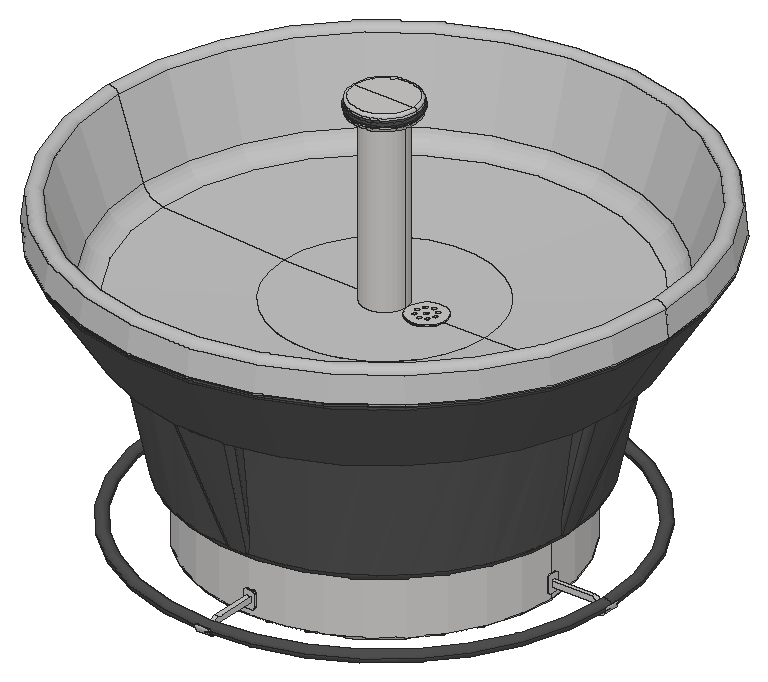
Revit family "Washfountain_Lavatory-Bradley_Corp-WF2808-Type_O_Drain", category Plumbing Fixtures, Revit 2012 (continued)
Lines and regions (in)
  symbolic lines, detail levels medium
    curve 25: line (-3.12875, 0, 36.80502) -> (-3.035, 0, 36.80502)
    curve 27: line (3.035, 0, 36.80502) -> (3.12875, 0, 36.80502)
    curve 28: line (3.12875, 0, 36.30502) -> (3.035, 0, 36.30502)
    curve 30: line (-3.035, 0, 36.30502) -> (-3.12875, 0, 36.30502)
    curve 32: line (0, 3.12875, 36.80502) -> (0, 3.035, 36.80502)
    curve 34: line (0, -3.035, 36.80502) -> (0, -3.12875, 36.80502)
    curve 35: line (0, -3.12875, 36.30502) -> (0, -3.035, 36.30502)
    curve 37: line (0, 3.035, 36.30502) -> (0, 3.12875, 36.30502)
  symbolic lines, detail levels medium+fine
    curve 26: line (-3.035, 0, 36.80502) -> (3.035, 0, 36.80502)
    curve 29: line (3.035, 0, 36.30502) -> (-3.035, 0, 36.30502)
    curve 33: line (0, 3.035, 36.80502) -> (0, -3.035, 36.80502)
    curve 36: line (0, -3.035, 36.30502) -> (0, 3.035, 36.30502)
    curve 47: circle (0, 0, 37.25) r 2 normal (0, 0, 1)
    curve 137: circle (4, 0, 29) r 1.25 normal (0, 0, 1)
    curve 138: circle (4, 0, 29) r 0.1842 normal (0, 0, 1)
    curve 139: circle (4, 0.87771, 29) r 0.1842 normal (0, 0, 1)
    curve 140: circle (4.62063, 0.62063, 29) r 0.1842 normal (0, 0, 1)
    curve 141: circle (4.87771, 0, 29) r 0.1842 normal (0, 0, 1)
    curve 142: circle (4.62063, -0.62063, 29) r 0.1842 normal (0, 0, 1)
    curve 143: circle (4, -0.87771, 29) r 0.1842 normal (0, 0, 1)
    curve 144: circle (3.37937, -0.62063, 29) r 0.1842 normal (0, 0, 1)
    curve 145: circle (3.12229, 0, 29) r 0.1842 normal (0, 0, 1)
    curve 146: circle (3.37937, 0.62063, 29) r 0.1842 normal (0, 0, 1)
    curve 155: line (-17.48807, 0, 6.31492) -> (-0.96574, 0, 6.31492)
    curve 156: line (-0.96574, 0, 6.24986) -> (-0.96574, 0, 18.12)
    curve 158: line (-0.12584, 0, 6.24986) -> (-0.12584, 0, 18.12)
    curve 159: line (1.12265, 0, 6.31492) -> (17.49519, 0, 6.31492)
    curve 160: line (-22.00077, 0, 18.10444) -> (-21.06726, 0, 18.10444)
    curve 161: arc (-21.06726, 0, 18.10444) -> (-20.92142, 0, 18.054) -> (-20.8379, 0, 17.92423) r 0.23606
    curve 162: line (-20.8379, 0, 17.92423) -> (-2.19375, 0, 17.92423)
    curve 163: line (-2.07801, 0, 18.10444) -> (-1.09014, 0, 18.10444)
    curve 164: arc (-2.07801, 0, 18.10444) -> (-2.16776, 0, 18.05613) -> (-2.19717, 0, 17.95855) r 0.13336
    curve 165: arc (-1.09014, 0, 18.10444) -> (-1.02745, 0, 18.10835) -> (-0.96574, 0, 18.12) r 0.50514
    curve 166: arc (-1.08537, 0, 6.8063) -> (-1.04271, 0, 6.55643) -> (-0.96574, 0, 6.31492) r 1.81926
    curve 167: line (-0.96574, 0, 6.24986) -> (-0.12584, 0, 6.24986)
    curve 168: line (0, 0, 6.31492) -> (0.15691, 0, 6.31492)
    curve 169: arc (-0.12584, 0, 6.24986) -> (-0.05501, 0, 6.26709) -> (0, 0, 6.31492) r 0.15424
    curve 173: line (1.12265, 0, 6.24986) -> (1.12265, 0, 18.12)
    curve 175: line (0.28275, 0, 6.24986) -> (0.28275, 0, 18.12)
    curve 176: line (22.00077, 0, 18.10444) -> (21.09665, 0, 18.10444)
    curve 177: arc (21.09665, 0, 18.10444) -> (20.95081, 0, 18.054) -> (20.86729, 0, 17.92423) r 0.23606
    curve 178: line (20.86729, 0, 17.92423) -> (2.35066, 0, 17.92423)
    curve 179: line (2.23492, 0, 18.10444) -> (1.24705, 0, 18.10444)
    curve 180: arc (2.23492, 0, 18.10444) -> (2.32467, 0, 18.05613) -> (2.35408, 0, 17.95855) r 0.13336
    curve 181: arc (1.24705, 0, 18.10444) -> (1.18436, 0, 18.10835) -> (1.12265, 0, 18.12) r 0.50514
    curve 182: arc (1.24228, 0, 6.8063) -> (1.19962, 0, 6.55643) -> (1.12265, 0, 6.31492) r 1.81926
    curve 183: line (1.12265, 0, 6.24986) -> (0.28275, 0, 6.24986)
    curve 184: arc (0.28275, 0, 6.24986) -> (0.21192, 0, 6.26709) -> (0.15691, 0, 6.31492) r 0.15424
    curve 201: line (0, 20.99655, 18.03148) -> (0, 21.97113, 18.03148)
    curve 203: arc (0, 20.8379, 17.92423) -> (0, 20.9008, 18.00216) -> (0, 20.99655, 18.03148) r 0.17096
    curve 205: line (0, 2.19389, 17.92569) -> (0, 20.83849, 17.92569)
    curve 208: line (0, 2.07801, 18.10444) -> (0, 1.09014, 18.10444)
    curve 209: arc (0, 2.19829, 17.96981) -> (0, 2.16828, 18.06404) -> (0, 2.07801, 18.10444) r 0.12105
    curve 210: line (0, 0.96513, 6.24986) -> (0, 0.96513, 18.12004)
    curve 211: arc (0, 0.96513, 18.12004) -> (0, 1.02715, 18.10836) -> (0, 1.09014, 18.10444) r 0.5087
    curve 213: line (0, 0.96513, 6.24986) -> (0, 0.12584, 6.24986)
    curve 215: arc (0, 1.08537, 6.8063) -> (0, 1.04105, 6.52467) -> (0, 0.96513, 6.24986) r 2.51421
    curve 216: line (0, 0, 6.31685) -> (0, -0.15625, 6.31685)
    curve 217: line (0, 0, 6.31685) -> (0, 0.12584, 6.24986)
    curve 218: line (0, 0.12584, 6.24986) -> (0, 0.12584, 18.12004)
    curve 221: line (0, -2.35014, 17.92569) -> (0, -20.8418, 17.92569)
    curve 224: line (0, -2.23426, 18.10444) -> (0, -1.24639, 18.10444)
    curve 225: arc (0, -2.35454, 17.96981) -> (0, -2.32453, 18.06404) -> (0, -2.23426, 18.10444) r 0.12105
    curve 226: line (0, -1.12138, 6.24986) -> (0, -1.12138, 18.12004)
    curve 227: arc (0, -1.12138, 18.12004) -> (0, -1.1834, 18.10836) -> (0, -1.24639, 18.10444) r 0.5087
    curve 228: line (0, -1.12138, 6.24986) -> (0, -0.28209, 6.24986)
    curve 230: arc (0, -1.24162, 6.8063) -> (0, -1.1973, 6.52467) -> (0, -1.12138, 6.24986) r 2.51421
    curve 231: line (0, -0.15625, 6.31685) -> (0, -0.28209, 6.24986)
    curve 232: line (0, -0.28209, 6.24986) -> (0, -0.28209, 18.12004)
    curve 235: line (0, -21.00003, 18.03148) -> (0, -21.97463, 18.03148)
    curve 237: arc (0, -20.84138, 17.92423) -> (0, -20.90428, 18.00216) -> (0, -21.00003, 18.03148) r 0.17096
    curve 241: line (0, 17.49039, 6.32544) -> (0, 0.98937, 6.32544)
    curve 242: line (0, -1.14562, 6.32544) -> (0, -17.49387, 6.32544)
  symbolic lines
    curve 31: line (-2, 0, 35.86002) -> (2, 0, 35.86002)
    curve 38: line (0, 2, 35.86002) -> (0, -2, 35.86002)
    curve 136: circle (4, 0, 29) r 1.75 normal (0, 0, 1)
    curve 147: circle (0, 0, 29) r 25.3 normal (0, 0, 1)
    curve 153: line (-20.8379, 0, 17.92423) -> (-17.61819, 0, 6.792)
    curve 154: line (-17.61819, 0, 6.792) -> (-17.47033, 0, 6.24986)
    curve 157: line (-2.19717, 0, 17.95855) -> (-1.08537, 0, 6.8063)
    curve 172: line (20.86729, 0, 17.92423) -> (17.49473, 0, 6.31579)
    curve 174: line (2.35408, 0, 17.95855) -> (1.24228, 0, 6.8063)
    curve 187: line (22.00077, 0, 18.10444) -> (17.49519, 0, 6.31492)
    curve 188: line (-15.8946, 0, 5.6669) -> (15.9375, 0, 5.6669)
    curve 202: line (0, 20.8379, 17.92423) -> (0, 17.46859, 6.24991)
    curve 204: line (0, 20.8379, 17.92423) -> (0, 20.89404, 18.12)
    curve 206: line (0, 2.19829, 17.96981) -> (0, 1.08537, 6.8063)
    curve 212: line (0, 15.89286, 5.66694) -> (0, -15.89458, 5.66694)
    curve 222: line (0, -2.35454, 17.96981) -> (0, -1.24162, 6.8063)
    curve 236: line (0, -20.84138, 17.92423) -> (0, -17.46638, 6.2302)
    curve 238: line (0, -20.84138, 17.92423) -> (0, -20.89752, 18.12)
    curve 251: circle (0, 0, 29) r 21 normal (0, 0, 1)
    curve 252: line (26.7906, 0, 26) -> (-26.7889, 0, 26)
    curve 253: line (0, 26.7906, 26) -> (0, -26.7906, 26)
  symbolic lines, visible <- "Sensor Module", detail levels fine
    curve 39: line (-4.49987, 0, 40.18459) -> (4.49987, 0, 40.18459)
    curve 42: line (0, 4.49987, 40.18459) -> (0, -4.49987, 40.18459)
  symbolic lines, visible <- "Sensor Module", detail levels medium
    curve 40: line (4.57537, 0, 38.73512) -> (-4.5755, 0, 38.73512)
    curve 43: line (0, -4.57537, 38.73512) -> (0, 4.57537, 38.73512)
  symbolic lines, visible <- "Sensor Module"
    curve 41: line (-2, 0, 37.90962) -> (2, 0, 37.90962)
    curve 44: line (0, 2, 37.91) -> (0, -2, 37.91)
  symbolic lines, visible <- "Sensor Module", detail levels medium+fine
    curve 46: circle (0, 0, 40.75) r 2.10282 normal (0, 0, 1)
  model lines, visible <- "Towel Dispenser", detail levels fine
    curve 51: spline (-9.0267, 1.13929, 53.62502) -> (-8.93299, 0.97699, 56.66615) -> (-8.65827, 0.50115, 59.50002) -> (-8.22124, -0.2558, 61.93353) -> (-7.6517, -1.24228, 63.80082) -> (-6.98845, -2.39106, 64.97465) -> (-6.2767, -3.62385, 65.37502) -> (-5.56494, -4.85664, 64.97465) -> (-4.9017, -6.00542, 63.80082) -> (-4.33215, -6.9919, 61.93353) -> (-3.89513, -7.74885, 59.50002) -> (-3.6204, -8.22469, 56.66615) -> (-3.5267, -8.38699, 53.62502)
    curve 52: spline (3.527, -8.3872, 53.62502) -> (3.6207, -8.22489, 56.66615) -> (3.89542, -7.74903, 59.50002) -> (4.33244, -6.99205, 61.93353) -> (4.90197, -6.00554, 63.80082) -> (5.56521, -4.85671, 64.97465) -> (6.27694, -3.62387, 65.37502) -> (6.98868, -2.39103, 64.97465) -> (7.65191, -1.24221, 63.80082) -> (8.22144, -0.2557, 61.93353) -> (8.65846, 0.50129, 59.50002) -> (8.93318, 0.97714, 56.66615) -> (9.02688, 1.13945, 53.62502)
    curve 98: spline (4.50547, -6.69233, 56.22659) -> (4.48576, -6.72648, 56.26066) -> (4.46739, -6.7583, 56.36056) -> (4.45161, -6.78563, 56.51948) -> (4.43951, -6.80659, 56.72659) -> (4.4319, -6.81977, 56.96777) -> (4.4293, -6.82427, 57.22659) -> (4.4319, -6.81977, 57.4854) -> (4.43951, -6.80659, 57.72659) -> (4.45161, -6.78563, 57.93369) -> (4.46739, -6.7583, 58.09261) -> (4.48576, -6.72648, 58.19251) -> (4.50547, -6.69233, 58.22659) -> (4.52519, -6.65819, 58.19251) -> (4.54356, -6.62637, 58.09261) -> (4.55933, -6.59904, 57.93369) -> (4.57144, -6.57807, 57.72659) -> (4.57905, -6.56489, 57.4854) -> (4.58164, -6.5604, 57.22659) -> (4.57905, -6.56489, 56.96777) -> (4.57144, -6.57807, 56.72659) -> (4.55933, -6.59904, 56.51948) -> (4.54356, -6.62637, 56.36056) -> (4.52519, -6.65819, 56.26066) -> (4.50547, -6.69233, 56.22659)
    curve 99: spline (3.54323, 7.20696, 56.22659) -> (3.58266, 7.20696, 56.26066) -> (3.6194, 7.20696, 56.36056) -> (3.65095, 7.20696, 56.51948) -> (3.67516, 7.20696, 56.72659) -> (3.69038, 7.20696, 56.96777) -> (3.69557, 7.20696, 57.22659) -> (3.69038, 7.20696, 57.4854) -> (3.67516, 7.20696, 57.72659) -> (3.65095, 7.20696, 57.93369) -> (3.6194, 7.20696, 58.09261) -> (3.58266, 7.20696, 58.19251) -> (3.54323, 7.20696, 58.22659) -> (3.5038, 7.20696, 58.19251) -> (3.46706, 7.20696, 58.09261) -> (3.4355, 7.20696, 57.93369) -> (3.41129, 7.20696, 57.72659) -> (3.39607, 7.20696, 57.4854) -> (3.39088, 7.20696, 57.22659) -> (3.39607, 7.20696, 56.96777) -> (3.41129, 7.20696, 56.72659) -> (3.4355, 7.20696, 56.51948) -> (3.46706, 7.20696, 56.36056) -> (3.5038, 7.20696, 56.26066) -> (3.54323, 7.20696, 56.22659)
    curve 100: spline (-8.04818, -0.55555, 56.22659) -> (-8.06789, -0.5214, 56.26066) -> (-8.08627, -0.48958, 56.36056) -> (-8.10204, -0.46226, 56.51948) -> (-8.11415, -0.44129, 56.72659) -> (-8.12176, -0.42811, 56.96777) -> (-8.12435, -0.42362, 57.22659) -> (-8.12176, -0.42811, 57.4854) -> (-8.11415, -0.44129, 57.72659) -> (-8.10204, -0.46226, 57.93369) -> (-8.08627, -0.48958, 58.09261) -> (-8.06789, -0.5214, 58.19251) -> (-8.04818, -0.55555, 58.22659) -> (-8.02847, -0.5897, 58.19251) -> (-8.01009, -0.62152, 58.09261) -> (-7.99432, -0.64884, 57.93369) -> (-7.98221, -0.66981, 57.72659) -> (-7.9746, -0.68299, 57.4854) -> (-7.97201, -0.68748, 57.22659) -> (-7.9746, -0.68299, 56.96777) -> (-7.98221, -0.66981, 56.72659) -> (-7.99432, -0.64884, 56.51948) -> (-8.01009, -0.62152, 56.36056) -> (-8.02847, -0.5897, 56.26066) -> (-8.04818, -0.55555, 56.22659)
    curve 101: spline (5.50026, 7.20696, 53.62502) -> (5.31285, 7.20696, 56.66615) -> (4.76338, 7.20696, 59.50002) -> (3.88931, 7.20696, 61.93353) -> (2.75019, 7.20696, 63.80082) -> (1.42367, 7.20696, 64.97465) -> (0.00013, 7.20696, 65.37502) -> (-1.42341, 7.20696, 64.97465) -> (-2.74994, 7.20696, 63.80082) -> (-3.88905, 7.20696, 61.93353) -> (-4.76312, 7.20696, 59.50002) -> (-5.31259, 7.20696, 56.66615) -> (-5.5, 7.20696, 53.62502)
  symbolic lines, visible <- "Towel Dispenser", detail levels fine
    curve 54: spline (-9.02676, -27, 53.62502) -> (-8.93305, -27, 56.66615) -> (-8.65832, -27, 59.50002) -> (-8.22128, -27, 61.93353) -> (-7.65173, -27, 63.80082) -> (-6.98846, -27, 64.97465) -> (-6.2767, -27, 65.37502) -> (-5.56493, -27, 64.97465) -> (-4.90166, -27, 63.80082) -> (-4.33211, -27, 61.93353) -> (-3.89507, -27, 59.50002) -> (-3.62034, -27, 56.66615) -> (-3.52663, -27, 53.62502)
    curve 55: spline (3.527, -27, 53.62502) -> (3.6207, -27, 56.66615) -> (3.89542, -27, 59.50002) -> (4.33244, -27, 61.93353) -> (4.90197, -27, 63.80082) -> (5.56521, -27, 64.97465) -> (6.27694, -27, 65.37502) -> (6.98868, -27, 64.97465) -> (7.65191, -27, 63.80082) -> (8.22144, -27, 61.93353) -> (8.65846, -27, 59.50002) -> (8.93318, -27, 56.66615) -> (9.02688, -27, 53.62502)
    curve 85: spline (5.50026, 27, 53.62502) -> (5.31285, 27, 56.66615) -> (4.76338, 27, 59.50002) -> (3.88931, 27, 61.93353) -> (2.75019, 27, 63.80082) -> (1.42367, 27, 64.97465) -> (0.00013, 27, 65.37502) -> (-1.42341, 27, 64.97465) -> (-2.74994, 27, 63.80082) -> (-3.88905, 27, 61.93353) -> (-4.76312, 27, 59.50002) -> (-5.31259, 27, 56.66615) -> (-5.5, 27, 53.62502)
    curve 93: spline (0, 1.1394, 53.62502) -> (0, 0.9771, 56.66615) -> (0, 0.50125, 59.50002) -> (0, -0.25572, 61.93353) -> (0, -1.24223, 63.80082) -> (0, -2.39103, 64.97465) -> (0, -3.62385, 65.37502) -> (0, -4.85667, 64.97465) -> (0, -6.00548, 63.80082) -> (0, -6.99198, 61.93353) -> (0, -7.74895, 59.50002) -> (0, -8.2248, 56.66615) -> (0, -8.3871, 53.62502)
    curve 102: spline (-8.04824, -27, 56.22659) -> (-8.06796, -27, 56.26066) -> (-8.08633, -27, 56.36056) -> (-8.10211, -27, 56.51948) -> (-8.11421, -27, 56.72659) -> (-8.12182, -27, 56.96777) -> (-8.12442, -27, 57.22659) -> (-8.12182, -27, 57.4854) -> (-8.11421, -27, 57.72659) -> (-8.10211, -27, 57.93369) -> (-8.08633, -27, 58.09261) -> (-8.06796, -27, 58.19251) -> (-8.04824, -27, 58.22659) -> (-8.02853, -27, 58.19251) -> (-8.01016, -27, 58.09261) -> (-7.99438, -27, 57.93369) -> (-7.98228, -27, 57.72659) -> (-7.97467, -27, 57.4854) -> (-7.97207, -27, 57.22659) -> (-7.97467, -27, 56.96777) -> (-7.98228, -27, 56.72659) -> (-7.99438, -27, 56.51948) -> (-8.01016, -27, 56.36056) -> (-8.02853, -27, 56.26066) -> (-8.04824, -27, 56.22659)
    curve 103: spline (4.50547, -27, 56.22659) -> (4.48576, -27, 56.26066) -> (4.46739, -27, 56.36056) -> (4.45161, -27, 56.51948) -> (4.43951, -27, 56.72659) -> (4.4319, -27, 56.96777) -> (4.4293, -27, 57.22659) -> (4.4319, -27, 57.4854) -> (4.43951, -27, 57.72659) -> (4.45161, -27, 57.93369) -> (4.46739, -27, 58.09261) -> (4.48576, -27, 58.19251) -> (4.50547, -27, 58.22659) -> (4.52519, -27, 58.19251) -> (4.54356, -27, 58.09261) -> (4.55933, -27, 57.93369) -> (4.57144, -27, 57.72659) -> (4.57905, -27, 57.4854) -> (4.58164, -27, 57.22659) -> (4.57905, -27, 56.96777) -> (4.57144, -27, 56.72659) -> (4.55933, -27, 56.51948) -> (4.54356, -27, 56.36056) -> (4.52519, -27, 56.26066) -> (4.50547, -27, 56.22659)
    curve 104: spline (3.54323, 27, 56.22659) -> (3.58266, 27, 56.26066) -> (3.6194, 27, 56.36056) -> (3.65095, 27, 56.51948) -> (3.67516, 27, 56.72659) -> (3.69038, 27, 56.96777) -> (3.69557, 27, 57.22659) -> (3.69038, 27, 57.4854) -> (3.67516, 27, 57.72659) -> (3.65095, 27, 57.93369) -> (3.6194, 27, 58.09261) -> (3.58266, 27, 58.19251) -> (3.54323, 27, 58.22659) -> (3.5038, 27, 58.19251) -> (3.46706, 27, 58.09261) -> (3.4355, 27, 57.93369) -> (3.41129, 27, 57.72659) -> (3.39607, 27, 57.4854) -> (3.39088, 27, 57.22659) -> (3.39607, 27, 56.96777) -> (3.41129, 27, 56.72659) -> (3.4355, 27, 56.51948) -> (3.46706, 27, 56.36056) -> (3.5038, 27, 56.26066) -> (3.54323, 27, 56.22659)
    curve 133: spline (0, -0.55544, 56.22659) -> (0, -0.52129, 56.26066) -> (0, -0.48947, 56.36056) -> (0, -0.46215, 56.51948) -> (0, -0.44118, 56.72659) -> (0, -0.428, 56.96777) -> (0, -0.42351, 57.22659) -> (0, -0.428, 57.4854) -> (0, -0.44118, 57.72659) -> (0, -0.46215, 57.93369) -> (0, -0.48947, 58.09261) -> (0, -0.52129, 58.19251) -> (0, -0.55544, 58.22659) -> (0, -0.58959, 58.19251) -> (0, -0.62141, 58.09261) -> (0, -0.64873, 57.93369) -> (0, -0.6697, 57.72659) -> (0, -0.68288, 57.4854) -> (0, -0.68737, 57.22659) -> (0, -0.68288, 56.96777) -> (0, -0.6697, 56.72659) -> (0, -0.64873, 56.51948) -> (0, -0.62141, 56.36056) -> (0, -0.58959, 56.26066) -> (0, -0.55544, 56.22659)
  symbolic lines, visible <- "Towel Dispenser"
    curve 56: line (-0.06253, -27, 67.563) -> (-3.52663, -27, 66.87567)
    curve 57: line (3.527, -27, 66.87567) -> (0.06285, -27, 67.563)
    curve 58: line (-9.02676, -27, 66.87567) -> (-3.52663, -27, 66.87567)
    curve 59: line (-3.52663, -27, 66.87567) -> (-3.52663, -27, 53.62502)
    curve 60: line (3.527, -27, 53.62502) -> (3.527, -27, 66.87567)
    curve 61: line (0.06285, -27, 67.563) -> (0.06285, -27, 52.25)
    curve 62: line (-0.06253, -27, 52.25) -> (-0.06253, -27, 67.563)
    curve 63: line (-3.52663, -27, 53.62502) -> (-1.57807, -27, 52.25)
    curve 64: line (1.57842, -27, 52.25) -> (3.527, -27, 53.62502)
    curve 65: line (-9.02676, -27, 53.62502) -> (-3.52663, -27, 53.62502)
    curve 66: line (3.527, -27, 53.62502) -> (9.02688, -27, 53.62502)
    curve 75: line (3.527, -27, 66.87567) -> (9.02688, -27, 66.87567)
    curve 77: line (-5.5, 27, 67.563) -> (-5.5, 27, 52.25)
    curve 78: line (5.50026, 27, 52.25) -> (5.50026, 27, 67.563)
    curve 79: line (5.50026, 27, 66.87567) -> (-5.5, 27, 66.87567)
    curve 80: line (5.50026, 27, 53.62502) -> (-5.5, 27, 53.62502)
    curve 86: line (0, 3.20696, 67.563) -> (0, 3.20696, 52.25)
    curve 87: line (0, 3.1394, 67.563) -> (0, 3.1394, 52.25)
    curve 88: line (0, 1.1394, 66.87567) -> (0, 3.1394, 67.563)
    curve 89: line (0, 1.1394, 53.62502) -> (0, 1.1394, 66.87567)
    curve 90: line (0, 1.1394, 66.87567) -> (0, -8.3871, 66.87567)
    curve 91: line (0, 2.2644, 52.25) -> (0, 1.1394, 53.62502)
    curve 92: line (0, 1.1394, 53.62502) -> (0, -8.3871, 53.62502)
    curve 131: line (-2, -27, 52.25) -> (2, -27, 52.25)
    curve 132: line (-2, -27, 67.563) -> (2, -27, 67.563)
    curve 134: line (0, 1.25, 67.563) -> (0, -1.25, 67.563)
    curve 246: line (-5.5, 3.20696, 52.25) -> (5.50026, 3.20696, 52.25)
    curve 247: line (5.56279, 3.13918, 0) -> (0.06279, -6.3871, 0)
    curve 248: line (-0.06259, -6.38699, 52.25) -> (-5.56259, 3.13929, 52.25)
    curve 249: line (-5.56259, 3.13929, 52.25) -> (-5.5, 3.20696, 52.25)
    curve 250: line (5.50026, 3.20696, 52.25) -> (5.56279, 3.13918, 52.25)
  symbolic lines, visible <- "Towel Dispenser", detail levels medium+fine
    curve 67: line (-3.95999, -27, 53.3286) -> (-7.95843, -27, 53.3286)
    curve 68: spline (-7.95843, -27, 53.3286) -> (-8.0366, -27, 53.31528) -> (-8.07168, -27, 53.27621) -> (-8.06127, -27, 53.21406) -> (-8.00608, -27, 53.13306) -> (-7.90988, -27, 53.03873) -> (-7.77921, -27, 52.93751) -> (-7.62299, -27, 52.83629) -> (-7.45186, -27, 52.74197) -> (-7.27748, -27, 52.66097) -> (-7.11174, -27, 52.59882) -> (-6.96593, -27, 52.55975) -> (-6.84999, -27, 52.54642)
    curve 69: line (-6.84999, -27, 52.54642) -> (-2.85155, -27, 52.54642)
    curve 70: spline (-2.85155, -27, 52.54642) -> (-2.77338, -27, 52.55975) -> (-2.7383, -27, 52.59882) -> (-2.74871, -27, 52.66097) -> (-2.8039, -27, 52.74197) -> (-2.90011, -27, 52.83629) -> (-3.03077, -27, 52.93751) -> (-3.18699, -27, 53.03873) -> (-3.35812, -27, 53.13306) -> (-3.5325, -27, 53.21406) -> (-3.69824, -27, 53.27621) -> (-3.84405, -27, 53.31528) -> (-3.95999, -27, 53.3286)
    curve 71: line (7.8569, -27, 53.32864) -> (3.85695, -27, 53.32864)
    curve 72: spline (3.85695, -27, 53.32864) -> (3.74101, -27, 53.31531) -> (3.59521, -27, 53.27624) -> (3.42947, -27, 53.21409) -> (3.25509, -27, 53.13309) -> (3.08396, -27, 53.03877) -> (2.92774, -27, 52.93755) -> (2.79707, -27, 52.83632) -> (2.70086, -27, 52.742) -> (2.64567, -27, 52.661) -> (2.63526, -27, 52.59885) -> (2.67033, -27, 52.55978) -> (2.7485, -27, 52.54645)
    curve 73: line (2.7485, -27, 52.54645) -> (6.74844, -27, 52.54645)
    curve 74: spline (6.74844, -27, 52.54645) -> (6.86438, -27, 52.55978) -> (7.01019, -27, 52.59885) -> (7.17593, -27, 52.661) -> (7.3503, -27, 52.742) -> (7.52143, -27, 52.83632) -> (7.67766, -27, 52.93755) -> (7.80832, -27, 53.03877) -> (7.90453, -27, 53.13309) -> (7.95972, -27, 53.21409) -> (7.97014, -27, 53.27624) -> (7.93507, -27, 53.31531) -> (7.8569, -27, 53.32864)
    curve 81: line (-4, 27, 53.3286) -> (4.00026, 27, 53.3286)
    curve 82: spline (4.00026, 27, 53.3286) -> (4.19437, 27, 53.31528) -> (4.37526, 27, 53.27621) -> (4.53059, 27, 53.21406) -> (4.64978, 27, 53.13306) -> (4.7247, 27, 53.03873) -> (4.75026, 27, 52.93751) -> (4.7247, 27, 52.83629) -> (4.64978, 27, 52.74197) -> (4.53059, 27, 52.66097) -> (4.37526, 27, 52.59882) -> (4.19437, 27, 52.55975) -> (4.00026, 27, 52.54642)
    curve 83: line (4.00026, 27, 52.54642) -> (-4, 27, 52.54642)
    curve 84: spline (-4, 27, 52.54642) -> (-4.19411, 27, 52.55975) -> (-4.375, 27, 52.59882) -> (-4.53033, 27, 52.66097) -> (-4.64952, 27, 52.74197) -> (-4.72444, 27, 52.83629) -> (-4.75, 27, 52.93751) -> (-4.72444, 27, 53.03873) -> (-4.64952, 27, 53.13306) -> (-4.53033, 27, 53.21406) -> (-4.375, 27, 53.27621) -> (-4.19411, 27, 53.31528) -> (-4, 27, 53.3286)
    curve 94: line (0, -6.84554, 53.3286) -> (0, 0.08288, 53.3286)
    curve 95: spline (0, 0.08288, 53.3286) -> (0, 0.26189, 53.31528) -> (0, 0.45051, 53.27621) -> (0, 0.63588, 53.21406) -> (0, 0.80537, 53.13306) -> (0, 0.94743, 53.03873) -> (0, 1.05238, 52.93751) -> (0, 1.11307, 52.83629) -> (0, 1.12535, 52.74197) -> (0, 1.0884, 52.66097) -> (0, 1.00473, 52.59882) -> (0, 0.88005, 52.55975) -> (0, 0.72284, 52.54642)
    curve 96: line (0, 0.72284, 52.54642) -> (0, -6.20559, 52.54642)
    curve 97: spline (0, -6.20559, 52.54642) -> (0, -6.3846, 52.55975) -> (0, -6.57321, 52.59882) -> (0, -6.75859, 52.66097) -> (0, -6.92808, 52.74197) -> (0, -7.07014, 52.83629) -> (0, -7.17508, 52.93751) -> (0, -7.23577, 53.03873) -> (0, -7.24806, 53.13306) -> (0, -7.2111, 53.21406) -> (0, -7.12744, 53.27621) -> (0, -7.00275, 53.31528) -> (0, -6.84554, 53.3286)
    curve 243: line (-7.07814, 2.26429, 52.25) -> (-1.57814, -7.26199, 52.25)
    curve 244: line (1.57842, -7.26225, 52.25) -> (7.0783, 2.2644, 52.25)
    curve 245: line (5.50026, 4.95696, 52.25) -> (-5.5, 4.95696, 52.25)
  model lines, not visible
    curve 105: circle (0, 0, 0) r 21 normal (0, 0, 1)
  sketch lines
    curve 106: circle (0, 0, 0) r 21 normal (0, 0, 1)
    curve 149: line (-17.47033, -0.07207, 6.24986) -> (-22.00672, -0.07207, 18.12)
    curve 150: line (0.07207, -17.47033, 6.24986) -> (0.07207, -22.00672, 18.12)
    curve 151: line (17.47033, 0.07207, 6.24986) -> (22.00672, 0.07207, 18.12)
    curve 152: line (-0.07207, 17.47033, 6.24986) -> (-0.07207, 22.00672, 18.12)
  symbolic lines, visible <- "Foot Control Valve", detail levels fine
    curve 107: line (-0.67, 0, 0.925) -> (-0.67, 0, 1.61691)
    curve 108: line (-0.67, 0, 1.61691) -> (0.67, 0, 1.61691)
    curve 109: line (0.67, 0, 1.61691) -> (0.67, 0, 0.925)
    curve 110: line (-0.46567, 0, 0.825) -> (0.46567, 0, 0.825)
    curve 111: line (-0.50501, 0, 1.925) -> (0.50501, 0, 1.925)
    curve 112: arc (-20.98857, 0, 0.925) -> (-21.39304, 0, 1.11581) -> (-21.48307, 0, 1.55388) r 0.5
    curve 113: arc (-20.99912, 0, 0.82487) -> (-20.82626, 0, 0.85057) -> (-20.66814, 0, 0.925) r 0.6
    curve 114: line (-20.30228, 0, 0.925) -> (-20.98857, 0, 0.925)
    curve 115: arc (21.48307, 0, 1.55388) -> (21.39304, 0, 1.11581) -> (20.98857, 0, 0.925) r 0.5
    curve 116: arc (20.66814, 0, 0.925) -> (20.82626, 0, 0.85057) -> (20.99912, 0, 0.82487) r 0.6
    curve 117: line (20.30228, 0, 0.925) -> (20.98857, 0, 0.925)
    curve 118: arc (0, 21.48307, 1.55401) -> (0, 20.6919, 1.03121) -> (0, 21.009, 1.92492) r 0.5
    curve 119: arc (0, 20.51154, 1.53179) -> (0, 20.47337, 1.59132) -> (0, 20.41385, 1.55315) r 0.05
    curve 120: arc (0, 20.41385, 1.55315) -> (0, 20.5328, 1.04853) -> (0, 21.00059, 0.825) r 0.6
    curve 121: line (0, 20.30377, 0.92644) -> (0, 20.66618, 0.92644)
    curve 122: arc (0, -21.00467, 1.92498) -> (0, -20.69361, 1.02988) -> (0, -21.48307, 1.55401) r 0.5
    curve 123: arc (0, -20.41385, 1.55315) -> (0, -20.47337, 1.59132) -> (0, -20.51154, 1.53179) r 0.05
    curve 124: arc (0, -20.98882, 0.8251) -> (0, -20.52913, 1.05313) -> (0, -20.41385, 1.55315) r 0.6
    curve 125: line (0, -20.30078, 0.92644) -> (0, -20.66618, 0.92644)
    curve 126: line (0, -0.67, 1.61678) -> (0, -0.67, 0.82487)
    curve 127: line (0, 0.67, 1.61678) -> (0, -0.67, 1.61678)
    curve 128: line (0, 0.67, 0.82487) -> (0, 0.67, 1.61678)
    curve 129: line (0, 0.50501, 1.92487) -> (0, -0.50501, 1.92487)
    curve 130: line (0, 0.46567, 0.82487) -> (0, -0.46567, 0.82487)
  model lines, detail levels medium+fine
    curve 135: circle (4, 0, 20.14202) r 1.25 normal (0, 0, 1)
  model lines, not visible, detail levels fine
    curve 148: line (-17.47033, -0.07207, 6.24986) -> (-22.00672, -0.07207, 18.12)
  symbolic lines, detail levels fine
    curve 170: circle (-0.59234, 0, 14.97829) r 0.18079 normal (0, -1, 0)
    curve 171: circle (-0.59234, 0, 9.43889) r 0.18079 normal (0, -1, 0)
    curve 185: circle (0.74925, 0, 14.97829) r 0.18079 normal (0, 1, 0)
    curve 186: circle (0.74925, 0, 9.43889) r 0.18079 normal (0, 1, 0)
    curve 189: spline (-0.96355, 0, 4.64199) -> (-0.87273, 0, 4.65397) -> (-0.7881, 0, 4.68911) -> (-0.71543, 0, 4.74501) -> (-0.65967, 0, 4.81786) -> (-0.62461, 0, 4.9027) -> (-0.61266, 0, 4.99374) -> (-0.62461, 0, 5.08478) -> (-0.65967, 0, 5.16961) -> (-0.71543, 0, 5.24246) -> (-0.7881, 0, 5.29836) -> (-0.87273, 0, 5.3335) -> (-0.96355, 0, 5.34549) -> (-1.05437, 0, 5.3335) -> (-1.139, 0, 5.29836) -> (-1.21167, 0, 5.24246) -> (-1.26743, 0, 5.16961) -> (-1.30249, 0, 5.08478) -> (-1.31444, 0, 4.99374) -> (-1.30249, 0, 4.9027) -> (-1.26743, 0, 4.81786) -> (-1.21167, 0, 4.74501) -> (-1.139, 0, 4.68911) -> (-1.05437, 0, 4.65397) -> (-0.96355, 0, 4.64199)
    curve 190: spline (1.11807, 0, 5.34611) -> (1.02726, 0, 5.33413) -> (0.94263, 0, 5.29899) -> (0.86995, 0, 5.24309) -> (0.81419, 0, 5.17024) -> (0.77914, 0, 5.0854) -> (0.76718, 0, 4.99436) -> (0.77914, 0, 4.90332) -> (0.81419, 0, 4.81849) -> (0.86995, 0, 4.74564) -> (0.94263, 0, 4.68974) -> (1.02726, 0, 4.6546) -> (1.11807, 0, 4.64261) -> (1.20889, 0, 4.6546) -> (1.29352, 0, 4.68974) -> (1.36619, 0, 4.74564) -> (1.42196, 0, 4.81849) -> (1.45701, 0, 4.90332) -> (1.46897, 0, 4.99436) -> (1.45701, 0, 5.0854) -> (1.42196, 0, 5.17024) -> (1.36619, 0, 5.24309) -> (1.29352, 0, 5.29899) -> (1.20889, 0, 5.33413) -> (1.11807, 0, 5.34611)
    curve 191: line (0.07846, 0, 6.31492) -> (0.07846, 0, 18.12)
    curve 219: circle (0, 0.60158, 9.43373) r 0.17708 normal (1, 0, 0)
    curve 220: circle (0, 0.60158, 14.97871) r 0.17708 normal (1, 0, 0)
    curve 233: circle (0, -0.75783, 9.43373) r 0.17708 normal (-1, 0, 0)
    curve 234: circle (0, -0.75783, 14.97871) r 0.17708 normal (-1, 0, 0)
    curve 239: spline (0, 0.96355, 4.64199) -> (0, 0.87273, 4.65397) -> (0, 0.7881, 4.68911) -> (0, 0.71543, 4.74501) -> (0, 0.65967, 4.81786) -> (0, 0.62461, 4.9027) -> (0, 0.61266, 4.99374) -> (0, 0.62461, 5.08478) -> (0, 0.65967, 5.16961) -> (0, 0.71543, 5.24246) -> (0, 0.7881, 5.29836) -> (0, 0.87273, 5.3335) -> (0, 0.96355, 5.34549) -> (0, 1.05437, 5.3335) -> (0, 1.139, 5.29836) -> (0, 1.21167, 5.24246) -> (0, 1.26743, 5.16961) -> (0, 1.30249, 5.08478) -> (0, 1.31444, 4.99374) -> (0, 1.30249, 4.9027) -> (0, 1.26743, 4.81786) -> (0, 1.21167, 4.74501) -> (0, 1.139, 4.68911) -> (0, 1.05437, 4.65397) -> (0, 0.96355, 4.64199)
    curve 240: spline (0, -1.11807, 5.34611) -> (0, -1.02726, 5.33413) -> (0, -0.94263, 5.29899) -> (0, -0.86995, 5.24309) -> (0, -0.81419, 5.17024) -> (0, -0.77914, 5.0854) -> (0, -0.76718, 4.99436) -> (0, -0.77914, 4.90332) -> (0, -0.81419, 4.81849) -> (0, -0.86995, 4.74564) -> (0, -0.94263, 4.68974) -> (0, -1.02726, 4.6546) -> (0, -1.11807, 4.64261) -> (0, -1.20889, 4.6546) -> (0, -1.29352, 4.68974) -> (0, -1.36619, 4.74564) -> (0, -1.42196, 4.81849) -> (0, -1.45701, 4.90332) -> (0, -1.46897, 4.99436) -> (0, -1.45701, 5.0854) -> (0, -1.42196, 5.17024) -> (0, -1.36619, 5.24309) -> (0, -1.29352, 5.29899) -> (0, -1.20889, 5.33413) -> (0, -1.11807, 5.34611)
    curve 254: spline (-1.97389, 0, 1) -> (-1.88308, 0, 1.01199) -> (-1.79845, 0, 1.04713) -> (-1.72577, 0, 1.10303) -> (-1.67001, 0, 1.17587) -> (-1.63496, 0, 1.26071) -> (-1.623, 0, 1.35175) -> (-1.63496, 0, 1.44279) -> (-1.67001, 0, 1.52762) -> (-1.72577, 0, 1.60047) -> (-1.79845, 0, 1.65637) -> (-1.88308, 0, 1.69151) -> (-1.97389, 0, 1.7035) -> (-2.06471, 0, 1.69151) -> (-2.14934, 0, 1.65637) -> (-2.22201, 0, 1.60047) -> (-2.27778, 0, 1.52762) -> (-2.31283, 0, 1.44279) -> (-2.32479, 0, 1.35175) -> (-2.31283, 0, 1.26071) -> (-2.27778, 0, 1.17587) -> (-2.22201, 0, 1.10303) -> (-2.14934, 0, 1.04713) -> (-2.06471, 0, 1.01199) -> (-1.97389, 0, 1)
    curve 255: spline (1.97389, 0, 1) -> (1.88308, 0, 1.01199) -> (1.79845, 0, 1.04713) -> (1.72577, 0, 1.10303) -> (1.67001, 0, 1.17587) -> (1.63496, 0, 1.26071) -> (1.623, 0, 1.35175) -> (1.63496, 0, 1.44279) -> (1.67001, 0, 1.52762) -> (1.72577, 0, 1.60047) -> (1.79845, 0, 1.65637) -> (1.88308, 0, 1.69151) -> (1.97389, 0, 1.7035) -> (2.06471, 0, 1.69151) -> (2.14934, 0, 1.65637) -> (2.22201, 0, 1.60047) -> (2.27778, 0, 1.52762) -> (2.31283, 0, 1.44279) -> (2.32479, 0, 1.35175) -> (2.31283, 0, 1.26071) -> (2.27778, 0, 1.17587) -> (2.22201, 0, 1.10303) -> (2.14934, 0, 1.04713) -> (2.06471, 0, 1.01199) -> (1.97389, 0, 1)
    curve 256: spline (0, 1.97389, 1.00004) -> (0, 1.88308, 1.01203) -> (0, 1.79845, 1.04717) -> (0, 1.72577, 1.10307) -> (0, 1.67001, 1.17592) -> (0, 1.63496, 1.26075) -> (0, 1.623, 1.35179) -> (0, 1.63496, 1.44283) -> (0, 1.67001, 1.52767) -> (0, 1.72577, 1.60052) -> (0, 1.79845, 1.65642) -> (0, 1.88308, 1.69156) -> (0, 1.97389, 1.70354) -> (0, 2.06471, 1.69156) -> (0, 2.14934, 1.65642) -> (0, 2.22201, 1.60052) -> (0, 2.27778, 1.52767) -> (0, 2.31283, 1.44283) -> (0, 2.32479, 1.35179) -> (0, 2.31283, 1.26075) -> (0, 2.27778, 1.17592) -> (0, 2.22201, 1.10307) -> (0, 2.14934, 1.04717) -> (0, 2.06471, 1.01203) -> (0, 1.97389, 1.00004)
    curve 257: spline (0, -1.97389, 1.00004) -> (0, -1.88308, 1.01203) -> (0, -1.79845, 1.04717) -> (0, -1.72577, 1.10307) -> (0, -1.67001, 1.17592) -> (0, -1.63496, 1.26075) -> (0, -1.623, 1.35179) -> (0, -1.63496, 1.44283) -> (0, -1.67001, 1.52767) -> (0, -1.72577, 1.60052) -> (0, -1.79845, 1.65642) -> (0, -1.88308, 1.69156) -> (0, -1.97389, 1.70354) -> (0, -2.06471, 1.69156) -> (0, -2.14934, 1.65642) -> (0, -2.22201, 1.60052) -> (0, -2.27778, 1.52767) -> (0, -2.31283, 1.44283) -> (0, -2.32479, 1.35179) -> (0, -2.31283, 1.26075) -> (0, -2.27778, 1.17592) -> (0, -2.22201, 1.10307) -> (0, -2.14934, 1.04717) -> (0, -2.06471, 1.01203) -> (0, -1.97389, 1.00004)
  model lines, detail levels fine
    curve 192: line (22.00602, 0, 18.12026) -> (17.49473, 0, 6.31579)
    curve 193: line (0, 22.00498, 18.12004) -> (0, 17.46859, 6.24991)
    curve 194: line (0, -22.00846, 18.12004) -> (0, -17.46638, 6.2302)
  symbolic lines, detail levels coarse
    curve 195: line (-2.19717, 0, 17.95855) -> (-2.21326, 0, 18.12)
    curve 196: line (2.35408, 0, 17.95855) -> (2.3682, 0, 18.12)
    curve 197: line (-1.08537, 0, 6.8063) -> (-0.97178, 0, 5.6669)
    curve 198: line (1.24228, 0, 6.8063) -> (1.12869, 0, 5.6669)
    curve 199: line (-20.8379, 0, 17.92423) -> (-20.90915, 0, 18.12)
    curve 200: line (20.86729, 0, 17.92423) -> (20.94211, 0, 18.12)
    curve 207: line (0, 2.19829, 17.96981) -> (0, 2.21432, 18.12)
    curve 214: line (0, 1.08537, 6.8063) -> (0, 0.97178, 5.66694)
    curve 223: line (0, -2.35454, 17.96981) -> (0, -2.37057, 18.12)
    curve 229: line (0, -1.24162, 6.8063) -> (0, -1.12803, 5.66694)
Dimensions and locks (in)
  equal spacing: plane 4 "Left", plane 3 "Center (Left/Right)", plane 5 "Right"
  "Width": plane 4 "Left" to plane 5 "Right"
  equal spacing: plane 7 "Back", plane 1 "Center (Front/Back)", plane 6 "Front"
  "Width": plane 7 "Back" to plane 6 "Front"
  "Towel Dispenser Height": plane 8 "Towel Dispenser" to plane 2
  "Soap Dispenser Height": plane 9 "Soap Dispenser" to plane 2
  "Sensor Module Height": plane 10 "Sensor Module" to plane 2
  "Spray Head Height": plane 11 "Spray Head" to plane 2
  "Rim Height": plane 12 "Rim Height" to plane 2
  locked: plane 11 "Spray Head" to Revolve 3 sketch curve at 1.38998
  locked: plane 9 "Soap Dispenser" to Revolve 5 sketch curve at 6
  locked: plane 9 "Soap Dispenser" to Masking region 5 sketch curve at 6
  locked: plane 9 "Soap Dispenser" to Masking region 6 sketch curve at 6
  locked: plane 10 "Sensor Module" to Revolve 7 sketch curve at 2.84038
  locked: plane 10 "Sensor Module" to Revolve 8 sketch curve at 2.84
  locked: plane 10 "Sensor Module" to Masking region 13 sketch curve at 2.84038
  locked: plane 10 "Sensor Module" to Masking region 13 sketch curve at 2.84
  locked: plane 10 "Sensor Module" to Masking region 14 sketch curve at 2.84038  (x2)
  locked: plane 10 "Sensor Module" to Masking region 15 sketch curve at 2.84038
  locked: plane 10 "Sensor Module" to Masking region 15 sketch curve at 2.84
  locked: plane 10 "Sensor Module" to Masking region 16 sketch curve at 2.84038  (x2)
  locked: Extrusion 9 sketch curve to curve 50 at 4
  locked: curve 50 to Extrusion 9 sketch curve at 15.16279
  locked: curve 50 to Extrusion 9 sketch curve at 15.313
  locked: Extrusion 10 sketch curve to curve 48 at 4
  locked: curve 48 to Extrusion 10 sketch curve at 15.313
  locked: curve 48 to Extrusion 10 sketch curve at 15.16279
  locked: Extrusion 11 sketch curve to curve 49 at 15.313
  locked: Extrusion 11 sketch curve to curve 49 at 14.62567
  locked: Extrusion 12 to Extrusion 10 at 1
  locked: plane 9 "Soap Dispenser" to plane 13 at 6
  "Soap Dispenser Holder": plane 13 to Masking region 24
  "Soap Dispenser Holder": Masking region 25 to plane 13
  "Soap Dispenser Holder": plane 13 to Extrusion 13
  "Towel Dispenser Holder": plane 8 "Towel Dispenser" to Extrusion 12
  "Towel Dispenser Holder": plane 8 "Towel Dispenser" to Masking region 22 sketch curve
  "Towel Dispenser Holder": plane 8 "Towel Dispenser" to Masking region 30
  locked: Extrusion 27 to plane 2 at 3
  locked: curve 48 to Extrusion 10 sketch curve at 4.22974
  locked: Extrusion 9 sketch curve to Extrusion 9 sketch curve at 1.37502
  locked: Extrusion 11 sketch curve to Extrusion 11 sketch curve at 1.37502
  "Supply Height": Extrusion 35 to plane 2
  locked: plane 9 "Soap Dispenser" to Revolve 6 sketch curve at 1
  locked: plane 9 "Soap Dispenser" to Revolve 36 sketch curve at 1
  locked: plane 10 "Sensor Module" to Extrusion 37 sketch curve at 1.3649
  locked: plane 10 "Sensor Module" to Extrusion 38 sketch curve at 1.3649
  locked: plane 10 "Sensor Module" to Extrusion 39 sketch curve at 1.3649
  locked: plane 10 "Sensor Module" to Extrusion 40 sketch curve at 1.3649
  "Pedestal Height": plane 14 "Pedestal Height" to plane 2
  locked: Extrusion 10 sketch curve to Extrusion 10 sketch curve at 1.37502
  Extrusion 35 sketch curve to plane 3 "Center (Left/Right)" to Extrusion 35 sketch curve = 0.875" locked, 0.875" locked
  locked: plane 1 "Center (Front/Back)" to Extrusion 35 sketch curve at 1.25  (x2)
  locked: plane 3 "Center (Left/Right)" to Extrusion 27 sketch curve at 4
  "Drain Radius": radius of Extrusion 27 sketch curve
  "Hot Lavatory Inlet Radius": radius of Extrusion 35 sketch curve
  "Cold Lavatory Inlet Radius": radius of Extrusion 35 sketch curve
  aligned and locked: Revolve 1 sketch curve to plane 3 "Center (Left/Right)"
  aligned and locked: Revolve 2 sketch curve to plane 3 "Center (Left/Right)"
  aligned and locked: Revolve 3 sketch curve to plane 3 "Center (Left/Right)"
  aligned and locked: Revolve 4 sketch curve to plane 3 "Center (Left/Right)"
  aligned and locked: Revolve 5 sketch curve to plane 3 "Center (Left/Right)"
  aligned and locked: Revolve 6 sketch curve to plane 3 "Center (Left/Right)"
  aligned and locked: plane 12 "Rim Height" to Masking region 9 sketch curve
  aligned and locked: Masking region 10 sketch curve to plane 12 "Rim Height"
  aligned and locked: Masking region 11 sketch curve to plane 12 "Rim Height"
  aligned and locked: plane 12 "Rim Height" to Masking region 12 sketch curve
  aligned and locked: Revolve 7 sketch curve to plane 3 "Center (Left/Right)"
  aligned and locked: Revolve 8 sketch curve to plane 3 "Center (Left/Right)"
  aligned and locked: Revolve 7 sketch curve to plane 11 "Spray Head"
  aligned and locked: Revolve 8 sketch curve to plane 11 "Spray Head"
  aligned and locked: plane 11 "Spray Head" to Masking region 13 sketch curve
  aligned and locked: Masking region 14 sketch curve to plane 11 "Spray Head"
  aligned and locked: plane 11 "Spray Head" to Masking region 15 sketch curve
  aligned and locked: Masking region 16 sketch curve to plane 11 "Spray Head"
  aligned and locked: plane 13 to Masking region 24 sketch curve
  aligned and locked: plane 13 to Masking region 25 sketch curve
  aligned and locked: Extrusion 13 to plane 13
  aligned and locked: Masking region 30 sketch curve to plane 8 "Towel Dispenser"
  aligned and locked: plane 12 "Rim Height" to Extrusion 25
  aligned and locked: plane 3 "Center (Left/Right)" to Masking region 17 sketch curve
  aligned and locked: plane 1 "Center (Front/Back)" to Masking region 17 sketch curve
  aligned and locked: plane 1 "Center (Front/Back)" to Extrusion 27 sketch curve
  aligned and locked: Extrusion 27 to plane 2
  aligned and locked: Revolve 29 sketch curve to plane 3 "Center (Left/Right)"
  aligned and locked: Revolve 33 sketch curve to plane 3 "Center (Left/Right)"
  aligned and locked: Extrusion 20 to Extrusion 24
  aligned and locked: Extrusion 20 to Extrusion 23
  aligned and locked: Extrusion 19 to Extrusion 21
  aligned and locked: Extrusion 19 to Extrusion 22
  aligned and locked: Revolve 34 sketch curve to plane 1 "Center (Front/Back)"
  aligned and locked: Extrusion 35 to plane 2
  aligned and locked: Extrusion 26 to cut or joined group of Revolve 2, Extrusion 25
  aligned and locked: Revolve 36 sketch curve to plane 3 "Center (Left/Right)"
  aligned and locked: plane 3 "Center (Left/Right)" to Extrusion 37 sketch curve
  aligned and locked: plane 3 "Center (Left/Right)" to Extrusion 38 sketch curve
  aligned and locked: plane 3 "Center (Left/Right)" to Extrusion 39 sketch curve
  aligned and locked: plane 3 "Center (Left/Right)" to Extrusion 40 sketch curve
  aligned and locked: Extrusion 38 to Masking region 15
  aligned and locked: Masking region 15 to Extrusion 40
  aligned and locked: Extrusion 40 to Masking region 16
  aligned and locked: Extrusion 37 to Masking region 15
  aligned and locked: Extrusion 39 to Masking region 16
  aligned and locked: Masking region 15 to Extrusion 39
  aligned and locked: Extrusion 38 to Masking region 36 sketch curve
  aligned and locked: Masking region 36 sketch curve to Extrusion 38
  aligned and locked: Extrusion 37 to Masking region 36 sketch curve
  aligned and locked: Masking region 36 sketch curve to Extrusion 37
  aligned and locked: Extrusion 40 to Masking region 37 sketch curve
  aligned and locked: Masking region 37 sketch curve to Extrusion 40
  aligned and locked: Extrusion 39 to Masking region 37 sketch curve
  aligned and locked: Masking region 37 sketch curve to Extrusion 39
  aligned and locked: plane 14 "Pedestal Height" to curve 252
  aligned and locked: curve 253 to plane 14 "Pedestal Height"
Automatic sketch dimensions
  curve 105 to plane 1 "Center (Front/Back)" = 0.000"
  curve 105 to plane 3 "Center (Left/Right)" = 0.000"
  plane 3 "Center (Left/Right)" to curve 247 = 0.06279"
  plane 3 "Center (Left/Right)" to curve 247 = 5.56279"
  plane 1 "Center (Front/Back)" to curve 247 = 6.3871"
  curve 247 to plane 1 "Center (Front/Back)" = 3.13918"
  curve 1 to plane 1 "Center (Front/Back)" = 0.000"
  curve 2 to plane 3 "Center (Left/Right)" = 0.000"
  plane 3 "Center (Left/Right)" to curve 1 = 3.000"
  curve 1 to plane 3 "Center (Left/Right)" = 3.000"
  curve 2 to plane 1 "Center (Front/Back)" = 3.000"
  plane 1 "Center (Front/Back)" to curve 2 = 3.000"
  curve 3 to plane 1 "Center (Front/Back)" = 0.000"
  curve 4 to plane 3 "Center (Left/Right)" = 0.000"
  plane 3 "Center (Left/Right)" to curve 3 = 3.000"
  curve 3 to plane 3 "Center (Left/Right)" = 3.000"
  curve 4 to plane 1 "Center (Front/Back)" = 3.000"
  plane 1 "Center (Front/Back)" to curve 4 = 3.000"
  curve 5 to plane 1 "Center (Front/Back)" = 0.000"
  curve 6 to plane 3 "Center (Left/Right)" = 0.000"
  plane 3 "Center (Left/Right)" to curve 5 = 3.000"
  curve 5 to plane 3 "Center (Left/Right)" = 3.000"
  curve 6 to plane 1 "Center (Front/Back)" = 3.000"
  plane 1 "Center (Front/Back)" to curve 6 = 3.000"
  curve 7 to plane 1 "Center (Front/Back)" = 0.000"
  curve 8 to plane 3 "Center (Left/Right)" = 0.000"
  plane 3 "Center (Left/Right)" to curve 7 = 3.000"
  curve 7 to plane 3 "Center (Left/Right)" = 3.000"
  curve 8 to plane 1 "Center (Front/Back)" = 3.000"
  plane 1 "Center (Front/Back)" to curve 8 = 3.000"
  curve 9 to plane 1 "Center (Front/Back)" = 0.000"
  curve 53 to plane 6 "Front" = 0.000"
  curve 76 to plane 7 "Back" = 0.000"
  curve 10 to plane 3 "Center (Left/Right)" = 0.000"
  plane 3 "Center (Left/Right)" to curve 49 = 0.06279"
  plane 3 "Center (Left/Right)" to curve 76 = 3.000"
  plane 3 "Center (Left/Right)" to curve 53 = 3.000"
  plane 3 "Center (Left/Right)" to curve 9 = 3.000"
  curve 49 to curve 9 = 2.60192"
  curve 48 to plane 3 "Center (Left/Right)" = 0.06259"
  curve 53 to plane 3 "Center (Left/Right)" = 3.000"
  curve 9 to plane 3 "Center (Left/Right)" = 3.000"
  curve 76 to plane 3 "Center (Left/Right)" = 3.000"
  curve 9 to curve 48 = 2.60167"
  curve 50 to plane 1 "Center (Front/Back)" = 3.20696"
  curve 10 to plane 1 "Center (Front/Back)" = 3.000"
  plane 1 "Center (Front/Back)" to curve 10 = 3.000"
  curve 10 to curve 48 = 3.38699"
  curve 48 to curve 49 = 0.00011"
  curve 12 to plane 1 "Center (Front/Back)" = 0.000"
  curve 11 to plane 3 "Center (Left/Right)" = 0.000"
  plane 3 "Center (Left/Right)" to curve 12 = 3.000"
  curve 12 to plane 3 "Center (Left/Right)" = 3.000"
  curve 11 to plane 1 "Center (Front/Back)" = 3.000"
  plane 1 "Center (Front/Back)" to curve 11 = 3.000"
  curve 1 to Revolve 1 sketch curve = 1.000"
  Revolve 1 sketch curve to curve 1 = 6.500"
  Revolve 1 sketch curve to Revolve 1 sketch curve = 11.49848"
  Revolve 1 sketch curve to Revolve 1 sketch curve = 0.04656"
  Revolve 1 sketch curve to Revolve 1 sketch curve = 0.95537"
  Revolve 1 sketch curve to Revolve 1 sketch curve = 1.88603"
  curve 1 to Revolve 1 sketch curve = 0.49353"
  Revolve 1 sketch curve to Revolve 1 sketch curve = 2.37139"
  Revolve 1 sketch curve to Revolve 1 sketch curve = 0.70527"
  Revolve 1 sketch curve to Revolve 1 sketch curve = 0.64108"
  curve 1 to Revolve 1 sketch curve = 0.5797"
  Revolve 1 sketch curve to Revolve 1 sketch curve = 0.73072"
  curve 1 to Revolve 1 sketch curve = 2.99865"
  Revolve 1 sketch curve to Revolve 1 sketch curve = 0.18834"
  curve 1 to Revolve 1 sketch curve = 3.42019"
  Revolve 1 sketch curve to Revolve 1 sketch curve = 0.21003"
  Revolve 1 sketch curve to Revolve 1 sketch curve = 0.0335"
  Revolve 1 sketch curve to Revolve 1 sketch curve = 0.11262"
  Revolve 1 sketch curve to Revolve 1 sketch curve = 0.09678"
  curve 1 to Revolve 1 sketch curve = 6.5486"
  Revolve 1 sketch curve to Revolve 1 sketch curve = 0.6655"
  Revolve 1 sketch curve to curve 1 = 8.99998"
  Revolve 1 sketch curve to curve 1 = 10.880"
  Revolve 1 sketch curve to curve 1 = 13.24041"
  Revolve 1 sketch curve to Revolve 1 sketch curve = 0.13548"
  Revolve 1 sketch curve to Revolve 1 sketch curve = 0.09764"
  curve 1 to Revolve 1 sketch curve = 3.75959"
  Revolve 2 sketch curve to curve 1 = 0.000"
  curve 1 to Revolve 2 sketch curve = 1.000"
  Revolve 2 sketch curve to curve 1 = 6.500"
  Revolve 2 sketch curve to Revolve 2 sketch curve = 12.58564"
  curve 1 to Revolve 2 sketch curve = 8.4938"
  Revolve 2 sketch curve to Revolve 2 sketch curve = 0.34563"
  Revolve 2 sketch curve to Revolve 2 sketch curve = 3.00832"
  curve 1 to Revolve 2 sketch curve = 3.000"
  Revolve 2 sketch curve to Revolve 2 sketch curve = 1.06984"
  Revolve 2 sketch curve to Revolve 2 sketch curve = 1.56041"
  Revolve 2 sketch curve to curve 1 = 8.85798"
  Revolve 2 sketch curve to Revolve 2 sketch curve = 2.3862"
  Revolve 2 sketch curve to curve 1 = 13.26282"
  Revolve 2 sketch curve to curve 1 = 5.26282"
  curve 3 to Revolve 3 sketch curve = 3.000"
  curve 3 to Revolve 3 sketch curve = 1.000"
  curve 3 to Revolve 3 sketch curve = 0.215"  (x2)
  Revolve 3 sketch curve to curve 3 = 0.00002"
  Revolve 3 sketch curve to curve 3 = 0.035"  (x2)
  Revolve 3 sketch curve to Revolve 3 sketch curve = 0.09375"
  Revolve 3 sketch curve to curve 3 = 6.7545"
  Revolve 3 sketch curve to curve 3 = 18.991"
  Revolve 3 sketch curve to curve 3 = 0.94498"
  Revolve 3 sketch curve to curve 3 = 0.53873"
  Revolve 3 sketch curve to Revolve 3 sketch curve = 1.24548"
  Revolve 4 sketch curve to curve 3 = 0.000"
  curve 3 to Revolve 4 sketch curve = 1.000"
  curve 3 to Revolve 4 sketch curve = 0.215"
  curve 3 to Revolve 4 sketch curve = 0.21498"
  Revolve 4 sketch curve to curve 3 = 0.12875"
  Revolve 4 sketch curve to Revolve 4 sketch curve = 2.000"
  Revolve 4 sketch curve to curve 3 = 0.44498"
  Revolve 4 sketch curve to curve 3 = 0.94498"
  Revolve 4 sketch curve to curve 3 = 1.38998"
  curve 3 to Revolve 4 sketch curve = 1.38998"
  Revolve 4 sketch curve to curve 3 = 18.991"
  Revolve 4 sketch curve to Revolve 4 sketch curve = 0.44599"
  curve 30 to curve 3 = 0.12875"
  curve 25 to curve 3 = 0.12875"
  curve 29 to curve 3 = 0.035"
  curve 26 to curve 3 = 0.035"
  curve 3 to curve 31 = 1.000"
  curve 31 to curve 3 = 1.000"
  curve 3 to curve 28 = 0.035"
  curve 3 to curve 26 = 0.035"
  curve 26 to curve 27 = 0.09375"
  curve 28 to curve 28 = 0.09375"
  curve 31 to curve 3 = 1.38998"
  curve 30 to curve 3 = 0.94498"
  curve 27 to curve 3 = 0.44498"
  Revolve 5 sketch curve to curve 7 = 0.000"
  Revolve 5 sketch curve to Revolve 5 sketch curve = 0.000"
  Revolve 5 sketch curve to curve 7 = 0.84002"
  Revolve 5 sketch curve to curve 7 = 1.17907"
  Revolve 5 sketch curve to Revolve 5 sketch curve = 1.96998"
  Revolve 5 sketch curve to Revolve 5 sketch curve = 0.06777"
  Revolve 5 sketch curve to Revolve 5 sketch curve = 0.05262"  (x2)
  Revolve 5 sketch curve to Revolve 5 sketch curve = 0.03075"
  curve 7 to Revolve 5 sketch curve = 0.375"
  Revolve 5 sketch curve to Revolve 5 sketch curve = 0.14284"
  Revolve 5 sketch curve to curve 7 = 10.32479"
  Revolve 5 sketch curve to Revolve 5 sketch curve = 0.60673"
  Revolve 5 sketch curve to Revolve 5 sketch curve = 1.250"  (x3)
  Revolve 5 sketch curve to Revolve 5 sketch curve = 0.625"
  Revolve 5 sketch curve to curve 7 = 2.42521"
  Revolve 6 sketch curve to Revolve 6 sketch curve = 0.000"
  Revolve 6 sketch curve to curve 7 = 2.810"
  Revolve 6 sketch curve to curve 7 = 3.1566"
  Revolve 6 sketch curve to curve 7 = 6.000"
  Revolve 6 sketch curve to Revolve 6 sketch curve = 1.2391"
  Revolve 6 sketch curve to curve 7 = 1.2609"
  Masking region 1 sketch curve to curve 1 = 0.000"
  Masking region 1 sketch curve to curve 1 = 24.000"
  curve 1 to Masking region 1 sketch curve = 3.000"  (x2)
  Masking region 1 sketch curve to Masking region 1 sketch curve = 0.4905"  (x2)
  Masking region 1 sketch curve to Masking region 1 sketch curve = 4.42308"  (x2)
  curve 1 to Masking region 1 sketch curve = 19.08642"
  Masking region 1 sketch curve to Masking region 1 sketch curve = 7.880"
  Masking region 2 sketch curve to curve 1 = 0.000"
  curve 1 to Masking region 2 sketch curve = 2.88945"
  Masking region 2 sketch curve to curve 1 = 24.000"
  Masking region 2 sketch curve to Masking region 2 sketch curve = 0.09678"  (x2)
  curve 1 to Masking region 2 sketch curve = 3.22983"
  Masking region 2 sketch curve to Masking region 2 sketch curve = 0.05743"
  Masking region 2 sketch curve to Masking region 2 sketch curve = 0.0335"  (x2)
  curve 1 to Masking region 2 sketch curve = 3.000"
  Masking region 2 sketch curve to Masking region 2 sketch curve = 0.11262"  (x2)
  curve 1 to Masking region 2 sketch curve = 0.58104"  (x2)
  Masking region 2 sketch curve to Masking region 2 sketch curve = 0.3081"
  Masking region 2 sketch curve to Masking region 2 sketch curve = 0.21003"  (x2)
  Masking region 2 sketch curve to Masking region 2 sketch curve = 0.73072"  (x2)
  Masking region 2 sketch curve to Masking region 2 sketch curve = 0.000"
  Masking region 2 sketch curve to Masking region 2 sketch curve = 4.81101"
  curve 1 to Masking region 2 sketch curve = 19.00127"
  Masking region 2 sketch curve to curve 1 = 0.00001"
  Masking region 2 sketch curve to Masking region 2 sketch curve = 3.9599"
  Masking region 2 sketch curve to Masking region 2 sketch curve = 0.64108"
  Masking region 2 sketch curve to Masking region 2 sketch curve = 0.18834"
  curve 1 to Masking region 2 sketch curve = 3.42153"
  curve 1 to Masking region 2 sketch curve = 3.22982"
  Masking region 2 sketch curve to Masking region 2 sketch curve = 0.1917"
  Masking region 2 sketch curve to Masking region 2 sketch curve = 7.45847"
  Masking region 2 sketch curve to Masking region 2 sketch curve = 0.22983"
  Masking region 2 sketch curve to Masking region 2 sketch curve = 0.09764"
  curve 7 to curve 18 = 0.375"
  curve 18 to curve 7 = 3.1566"
  curve 13 to curve 18 = 0.000"  (x2)
  curve 13 to curve 14 = 0.17359"
  curve 14 to curve 15 = 0.05262"
  curve 15 to curve 16 = 0.05262"
  curve 16 to curve 17 = 0.06777"
  curve 7 to curve 17 = 2.810"
  curve 17 to curve 16 = 0.06777"
  curve 16 to curve 15 = 0.05262"
  curve 15 to curve 14 = 0.05262"
  curve 14 to curve 18 = 0.17359"
  curve 13 to curve 18 = 0.625"
  curve 14 to curve 13 = 0.64327"
  curve 15 to curve 14 = 1.250"
  curve 16 to curve 15 = 1.250"
  curve 17 to curve 16 = 1.250"
  Masking region 3 sketch curve to curve 2 = 0.000"
  curve 2 to Masking region 3 sketch curve = 3.000"  (x2)
  Masking region 3 sketch curve to curve 2 = 24.000"
  Masking region 3 sketch curve to Masking region 3 sketch curve = 0.4905"  (x2)
  Masking region 3 sketch curve to Masking region 3 sketch curve = 4.42308"  (x2)
  curve 2 to Masking region 3 sketch curve = 19.08642"
  Masking region 3 sketch curve to Masking region 3 sketch curve = 7.880"
  curve 2 to Masking region 4 sketch curve = 2.88945"
  Masking region 4 sketch curve to curve 2 = 24.000"
  Masking region 4 sketch curve to Masking region 4 sketch curve = 0.09678"  (x2)
  Masking region 4 sketch curve to Masking region 4 sketch curve = 0.05743"
  curve 2 to Masking region 4 sketch curve = 3.42153"  (x2)
  Masking region 4 sketch curve to Masking region 4 sketch curve = 0.0335"  (x2)
  curve 2 to Masking region 4 sketch curve = 3.000"
  Masking region 4 sketch curve to Masking region 4 sketch curve = 0.11262"  (x2)
  curve 2 to Masking region 4 sketch curve = 0.58104"  (x2)
  Masking region 4 sketch curve to Masking region 4 sketch curve = 0.3081"
  Masking region 4 sketch curve to Masking region 4 sketch curve = 0.21003"  (x2)
  curve 2 to Masking region 4 sketch curve = 0.00017"
  Masking region 4 sketch curve to Masking region 4 sketch curve = 0.71455"
  Masking region 4 sketch curve to Masking region 4 sketch curve = 0.01618"  (x2)
  Masking region 4 sketch curve to Masking region 4 sketch curve = 4.81101"
  curve 2 to Masking region 4 sketch curve = 19.00128"
  curve 2 to Masking region 4 sketch curve = 0.750"
  Masking region 4 sketch curve to Masking region 4 sketch curve = 3.9599"
  Masking region 4 sketch curve to Masking region 4 sketch curve = 0.64108"
  Masking region 4 sketch curve to Masking region 4 sketch curve = 0.18834"
  curve 2 to Masking region 4 sketch curve = 3.22983"
  Masking region 4 sketch curve to Masking region 4 sketch curve = 7.45847"
  Masking region 4 sketch curve to Masking region 4 sketch curve = 0.13548"
  Masking region 4 sketch curve to Masking region 4 sketch curve = 0.22983"
  Masking region 4 sketch curve to Masking region 4 sketch curve = 0.09764"
  Masking region 5 sketch curve to curve 7 = 0.000"
  Masking region 5 sketch curve to curve 7 = 3.22592"
  Masking region 5 sketch curve to curve 7 = 2.810"
  curve 7 to Masking region 5 sketch curve = 2.810"
  curve 7 to Masking region 5 sketch curve = 3.22592"
  Masking region 6 sketch curve to curve 7 = 0.000"
  curve 7 to Masking region 6 sketch curve = 1.000"
  Masking region 6 sketch curve to curve 7 = 3.1566"
  Masking region 6 sketch curve to Masking region 6 sketch curve = 0.14284"  (x2)
  Masking region 6 sketch curve to Masking region 6 sketch curve = 0.03075"  (x2)
  Masking region 6 sketch curve to Masking region 6 sketch curve = 0.05262"  (x4)
  Masking region 6 sketch curve to Masking region 6 sketch curve = 0.06777"  (x2)
  Masking region 6 sketch curve to curve 7 = 1.17907"
  Masking region 6 sketch curve to curve 7 = 0.84002"
  curve 7 to Masking region 6 sketch curve = 0.84002"
  curve 7 to Masking region 6 sketch curve = 1.17907"
  Masking region 6 sketch curve to Masking region 6 sketch curve = 1.96998"
  curve 7 to Masking region 6 sketch curve = 0.375"
  Masking region 6 sketch curve to curve 7 = 7.18965"
  Masking region 6 sketch curve to Masking region 6 sketch curve = 0.60673"  (x2)
  Masking region 6 sketch curve to Masking region 6 sketch curve = 1.250"  (x5)
  Masking region 6 sketch curve to Masking region 6 sketch curve = 0.64327"
  Masking region 6 sketch curve to Masking region 6 sketch curve = 0.625"
